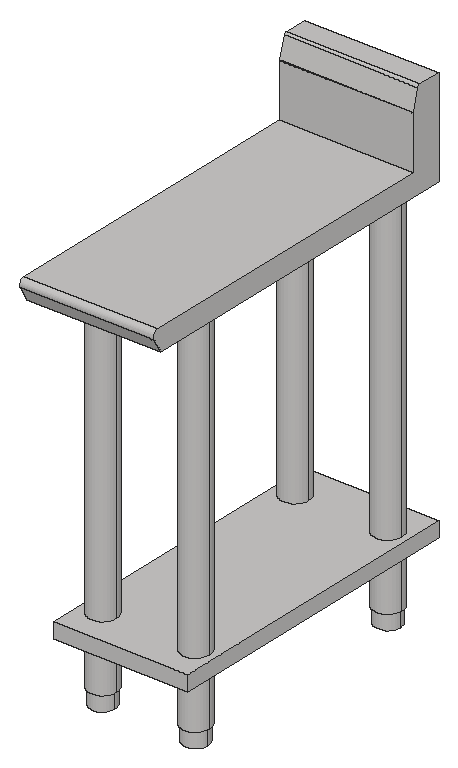
Revit family "QF_COBRA MOFFAT_C300", category Specialty Equipment, Revit 2016
Family settings
  Part Type = Normal
  Round Connector Dimension = Use Diameter
  Work Plane-Based = No
  Always vertical = Yes
  Cut with Voids When Loaded = No
  Shared = No
  Room Calculation Point = No
Parameters
  Weight in Pounds = 22.7
  URL Cutsheet = ""
  Specification by User = ""
  Specification by Manufacturer = ""
  Serial Number = ""
  Seismic Rating = ""
  SMACNA No = ""
  Revision Code = ""
  NAFEM Spec ID Number = ""
  Model = "C300"
  Masterspec = ""
  Manufacturer = "COBRA MOFFAT"
  Length = 300.00 mm
  Item Number = ""
  Installed By = ""
  Identify Quantity as Lot = yes
  Height = 1085.00 mm
  Furnished By = ""
  Foodservice Equipment Identifier = yes
  Description = "INFILL BENCHES"
  Depth = 800.00 mm
  CSI MasterFormat = ""
Reference planes
  plane 1 "BACK": y = 0
  plane 2: z = 0
  plane 3 "LEFT": x = 0
  plane 4 "RIGHT": x = 300
  plane 5 "FRONT": y = -800
  plane 6 "TOP": z = 1085
  plane 7 "Center Y": x = 150
  plane 8 "Center X": y = -400
  plane 9: x = 45.5
  plane 10: x = 254.5
Forms (mm)
  Extrusion 1, solid, material "QF_Metal - Stainless - Polished"
    sketch origin (0, 0, 0) x (0, 1, 0) y (0, 0, 1)
      loop
        line (-780.27, 866) -> (0, 866) -> (0, 1085) -> (-51.999, 1085)
        arc (-51.999, 1085) -> (-55.651, 1083.76) -> (-57.794, 1080.553) r 6
        line (-57.794, 1080.553) -> (-69.796, 1035.763)
        arc (-69.796, 1035.763) -> (-69.949, 1034.993) -> (-70, 1034.21) r 6
        line (-70, 1034.21) -> (-70, 915) -> (-788.301, 915)
        arc (-788.301, 915) -> (-798.434, 909.149) -> (-798.433, 897.448) r 11.7
        line (-798.433, 897.448) -> (-780.27, 866)
      loop
        line (0, 184) -> (-705, 184) -> (-705, 150) -> (0, 150) -> (0, 184)
    from 0 to 300
  Revolve 2, solid, material "QF_Metal - Stainless - Polished"
    sketch origin (0, -85, 35) x (0, 0, 1) y (1, 0, 0)
      loop
        line (-35, 17.5) -> (0, 17.5) -> (0, 13.75) -> (115, 13.75) -> (115, 45.5) -> (-35, 45.5) -> (-35, 17.5)
      loop
        line (149, 45.5) -> (149, 13.75) -> (831, 13.75) -> (831, 45.5) -> (149, 45.5)
      axis (831, 45.5) -> (-35, 45.5)
    angle from 0 to 360
  Revolve 3, solid, material "QF_Metal - Stainless - Polished"
    sketch origin (300, -85, 35) x (0, 0, 1) y (1, 0, 0)
      loop
        line (-35, -17.5) -> (-35, -45.5) -> (115, -45.5) -> (115, -13.75) -> (0, -13.75) -> (0, -17.5) -> (-35, -17.5)
      loop
        line (149, -45.5) -> (831, -45.5) -> (831, -13.75) -> (149, -13.75) -> (149, -45.5)
      axis (831, -45.5) -> (-35, -45.5)
    angle from 0 to 360
  Revolve 4, solid, material "QF_Metal - Stainless - Polished"
    sketch origin (0, -625, 35) x (0, 0, 1) y (1, 0, 0)
      loop
        line (-35, 17.5) -> (0, 17.5) -> (0, 13.75) -> (115, 13.75) -> (115, 45.5) -> (-35, 45.5) -> (-35, 17.5)
      loop
        line (149, 45.5) -> (149, 13.75) -> (831, 13.75) -> (831, 45.5) -> (149, 45.5)
      axis (831, 45.5) -> (-35, 45.5)
    angle from 0 to 360
  Revolve 5, solid, material "QF_Metal - Stainless - Polished"
    sketch origin (300, -625, 35) x (0, 0, 1) y (1, 0, 0)
      loop
        line (-35, -17.5) -> (-35, -45.5) -> (115, -45.5) -> (115, -13.75) -> (0, -13.75) -> (0, -17.5) -> (-35, -17.5)
      loop
        line (149, -45.5) -> (831, -45.5) -> (831, -13.75) -> (149, -13.75) -> (149, -45.5)
      axis (831, -45.5) -> (-35, -45.5)
    angle from 0 to 360
Lines and regions (mm)
  symbolic lines
    curve 1: line (0, 0, 0) -> (300, 0, 0)
    curve 2: line (0, -800.001, 0) -> (0, 0, 0)
    curve 3: line (300, -800.001, 0) -> (0, -800.001, 0)
    curve 4: line (300, 0, 0) -> (300, -800.001, 0)
    curve 5: line (0, -70, 0) -> (300, -70, 0)
Dimensions and locks
  equal spacing: plane 3 "LEFT", plane 7 "Center Y", plane 4 "RIGHT"
  "Length": plane 3 "LEFT" to plane 4 "RIGHT"
  equal spacing: plane 5 "FRONT", plane 8 "Center X", plane 1 "BACK"
  "Depth": plane 5 "FRONT" to plane 1 "BACK"
  "Height": plane 6 "TOP" to level
  aligned and locked: level to plane 2
Automatic sketch dimensions
  Extrusion 1 sketch curve to plane 6 "TOP" = 0.00 mm
  Extrusion 1 sketch curve to plane 1 "BACK" = 0.00 mm  (x2)
  Extrusion 1 sketch curve to plane 6 "TOP" = 4.447 mm
  Extrusion 1 sketch curve to Extrusion 1 sketch curve = 5.796 mm  (x2)
  Extrusion 1 sketch curve to Extrusion 1 sketch curve = 0.204 mm
  Extrusion 1 sketch curve to plane 5 "FRONT" = 19.73 mm
  Extrusion 1 sketch curve to plane 5 "FRONT" = 11.699 mm
  Extrusion 1 sketch curve to plane 5 "FRONT" = 1.567 mm
  Extrusion 1 sketch curve to Extrusion 1 sketch curve = 44.79 mm
  Extrusion 1 sketch curve to Extrusion 1 sketch curve = 119.21 mm
  Extrusion 1 sketch curve to Extrusion 1 sketch curve = 11.70 mm
  Extrusion 1 sketch curve to Extrusion 1 sketch curve = 31.448 mm
  level to Extrusion 1 sketch curve = 184.00 mm
  Extrusion 1 sketch curve to Extrusion 1 sketch curve = 34.00 mm
  Revolve 2 sketch curve to level = 0.00 mm
  plane 9 to Revolve 2 sketch curve = 0.00 mm  (x3)
  level to Revolve 2 sketch curve = 35.00 mm
  Revolve 2 sketch curve to Revolve 2 sketch curve = 115.00 mm
  plane 3 "LEFT" to Revolve 2 sketch curve = 13.75 mm  (x2)
  Revolve 2 sketch curve to Revolve 2 sketch curve = 34.00 mm
  Revolve 2 sketch curve to plane 6 "TOP" = 219.00 mm
  plane 3 "LEFT" to Revolve 2 sketch curve = 17.50 mm
  Revolve 2 sketch curve to Revolve 2 sketch curve = 14.95 mm
  Revolve 2 sketch curve to Revolve 2 sketch curve = 6.35 mm
  Revolve 3 sketch curve to level = 0.00 mm
  plane 10 to Revolve 3 sketch curve = 0.00 mm  (x3)
  level to Revolve 3 sketch curve = 35.00 mm
  Revolve 3 sketch curve to Revolve 3 sketch curve = 115.00 mm
  plane 4 "RIGHT" to Revolve 3 sketch curve = 13.75 mm
  Revolve 3 sketch curve to Revolve 3 sketch curve = 34.00 mm
  Revolve 3 sketch curve to plane 6 "TOP" = 219.00 mm
  plane 4 "RIGHT" to Revolve 3 sketch curve = 17.50 mm
  Revolve 3 sketch curve to Revolve 3 sketch curve = 3.75 mm
  Revolve 3 sketch curve to Revolve 3 sketch curve = 14.95 mm
  Revolve 3 sketch curve to Revolve 3 sketch curve = 6.35 mm
  Revolve 4 sketch curve to level = 0.00 mm
  plane 9 to Revolve 4 sketch curve = 0.00 mm  (x3)
  level to Revolve 4 sketch curve = 35.00 mm
  Revolve 4 sketch curve to Revolve 4 sketch curve = 115.00 mm
  plane 3 "LEFT" to Revolve 4 sketch curve = 13.75 mm  (x2)
  Revolve 4 sketch curve to Revolve 4 sketch curve = 34.00 mm
  Revolve 4 sketch curve to plane 6 "TOP" = 219.00 mm
  plane 3 "LEFT" to Revolve 4 sketch curve = 17.50 mm
  Revolve 4 sketch curve to Revolve 4 sketch curve = 14.95 mm
  Revolve 4 sketch curve to Revolve 4 sketch curve = 6.35 mm
  Revolve 5 sketch curve to level = 0.00 mm
  plane 10 to Revolve 5 sketch curve = 0.00 mm  (x3)
  level to Revolve 5 sketch curve = 35.00 mm
  Revolve 5 sketch curve to Revolve 5 sketch curve = 115.00 mm
  plane 4 "RIGHT" to Revolve 5 sketch curve = 13.75 mm
  Revolve 5 sketch curve to Revolve 5 sketch curve = 34.00 mm
  Revolve 5 sketch curve to plane 6 "TOP" = 219.00 mm
  plane 4 "RIGHT" to Revolve 5 sketch curve = 17.50 mm
  Revolve 5 sketch curve to Revolve 5 sketch curve = 3.75 mm
  Revolve 5 sketch curve to Revolve 5 sketch curve = 14.95 mm
  Revolve 5 sketch curve to Revolve 5 sketch curve = 6.35 mm
  plane 1 "BACK" to Extrusion 1 sketch curve = 70.00 mm
  Extrusion 1 sketch curve to Extrusion 1 sketch curve = 12.001 mm
  Extrusion 1 sketch curve to plane 5 "FRONT" = 95.00 mm
  curve 3 to plane 3 "LEFT" = 0.00 mm
  curve 3 to plane 4 "RIGHT" = 0.00 mm
  plane 1 "BACK" to curve 2 = 0.00 mm
  plane 5 "FRONT" to curve 4 = 0.001 mm
  curve 5 to curve 1 = 70.00 mm
